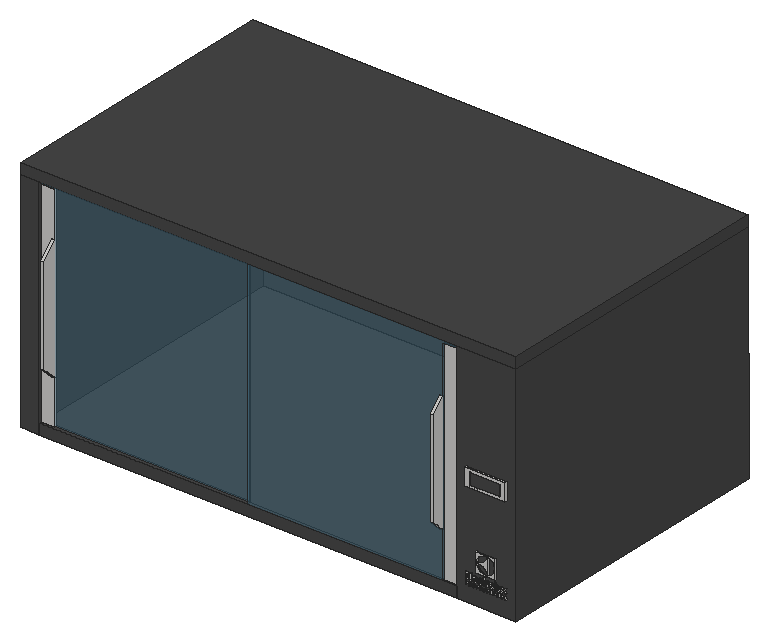
Revit family "QF_ELECTROLUXPROFESSIONAL_240039_SAFEBOXNP", category Attrezzature speciali, Revit 2020
Family settings
  Quota connettore circolare = Usa diametro
  Tipo di parte = Normale
  Basato su piano di lavoro = No
  Sempre verticale = Sì
  Taglio con vuoti quando caricato = No
  Condiviso = No
  Punto di calcolo locali = No
Parameters (values of type "Standard")
  Weight = 36.00 kg
  Watts = 590 W
  Volts = 220 V
  URL Manufacturer = "https://www.electroluxprofessional.com/"
  URL = "https://www.electroluxprofessional.com/"
  Steam Supply Size = 0 mm
  Steam Supply Minimum Pressure = 0.0 Pa
  Steam Supply Maximum Pressure = 0.0 Pa
  Steam Consumption per Hour = 0
  Show Logo [instance] = yes
  Show Clearance [instance] = yes
  Refrigeration Suction Line Size = 0.0 mm
  Refrigeration Liquid Line Size = 0.0 mm
  Refrigerant Compressor Remote = yes
  Prospetto di default = 0.0 mm
  Produttore = "Electrolux Professional"
  Phase = 1
  Modello = "SAFEBOXNP"
  Length Actual = 920.0 mm  # constant formula
  Item Number = "240039"
  Hot Water Size = 0 mm
  Height Actual = 450.0 mm  # constant formula
  HP = "0.8 HP"
  Gas Size = 0 mm
  Gas KW = 0
  Gas Input Pressure = 0 W
  Direct Waste Size = 0 mm
  Descrizione = "SAFEBOX HOLD WARMING CONTAINER FOR FOOD PICK UP, TAKE AWAY AND DELIVERY - NO PLUG"
  Depth Actual = 590.0 mm  # constant formula
  Cycle = 50 Hz
  Condensate Return Size = 0 mm
  Compressed Air Volume = 0.0 L/s
  Compressed Air Size = 0 mm
  Compressed Air Pressure = 0.0 Pa
  Cold Water Size = 0 mm
  Accessory = yes
Reference planes
  plane 1 "Center (Front/Back)": y = 0
  plane 2: z = 0
  plane 3 "Center (Left/Right)": x = 0
  plane 4 "LEFT": x = -460
  plane 5 "RIGHT": x = 460
  plane 6 "BACK": y = 270
  plane 7 "FRONT": y = -270
  plane 8 "Base": z = 11
  plane 9 "TOP": z = 451
  plane 10: x = -430
  plane 11: y = 250
  plane 12: y = -220
  plane 13: x = 360
Forms (mm)
  Extrusion 1, solid, material "QF_Finishes_Black"
    sketch origin (0, 0, 11) x (0, 1, 0) y (-1, 0, 0)
      loop
        line (270, 460) -> (-270, 460) -> (-270, 425) -> (250, 425) -> (250, -350) -> (-270, -350) -> (-270, -460) -> (270, -460) -> (270, 460)
    from 0 to 420
  Extrusion 2, solid, material "QF_Finishes_Black"
    sketch origin (0, 0, 451) x (0, 1, 0) y (-1, 0, 0)
      loop
        line (270, 460) -> (-270, 460) -> (-270, -460) -> (270, -460) -> (270, 460)
    from 0 to -20
  Extrusion 3, void
    sketch origin (0, -270, 0) x (-1, 0, 0) y (0, 0, 1)
      loop
        line (140.985, 386.837) -> (-115, 386.837) -> (-115, 166) -> (140.985, 166) -> (140.985, 386.837)
    from 520 to 540
  Extrusion 4, solid, material "QF_Finishes_Stainless Steel"
    sketch origin (460, 0, 0) x (0, 1, 0) y (0, 0, 1)
      loop
        line (250, 386.837) -> (250, 166) -> (320, 166) -> (320, 386.837) -> (250, 386.837)
    from -600.985 to -345
  Extrusion 5, solid, material "Glass"
    sketch origin (0, -270, 0) x (-1, 0, 0) y (0, 0, 1)
      loop
        line (425, 431) -> (37.5, 431) -> (37.5, 31) -> (400, 31) -> (400, 426) -> (425, 426) -> (425, 431)
    from 4 to 8
  Extrusion 6, solid, material "Glass"
    sketch origin (385, -270, 0) x (-1, 0, 0) y (0, 0, 1)
      loop
        line (422.5, 431) -> (35, 431) -> (35, 426) -> (60, 426) -> (60, 31) -> (422.5, 31) -> (422.5, 431)
    from 0 to 4
  Extrusion 7, solid, material "QF_Finishes_Stainless Steel"
    sketch origin (0, 0, 0) x (0, 1, 0) y (0, 0, 1)
      loop
        line (-266, 112) -> (-266, 342.426) -> (-291.213, 317.213) -> (-291.213, 137.213) -> (-266, 112)
    from -400 to -405
  Extrusion 8, solid, material "QF_Finishes_Stainless Steel"
    sketch origin (0, -270, 0) x (-1, 0, 0) y (0, 0, 1)
      loop
        line (-350, 426) -> (-350, 31) -> (-325, 31) -> (-325, 426) -> (-350, 426)
      loop
        line (400, 426) -> (400, 31) -> (425, 31) -> (425, 426) -> (400, 426)
    from 4 to 8
  Extrusion 9, solid, material "QF_Finishes_Black"
    sketch origin (0, 0, 451) x (0, 1, 0) y (-1, 0, 0)
      loop
        line (270, 425) -> (-270, 425) -> (-270, -350) -> (270, -350) -> (270, 425)
    from -420 to -440
  Extrusion 10, solid, material "QF_Finishes_Stainless Steel"
    sketch origin (0, 0, 0) x (0, 1, 0) y (0, 0, 1)
      loop
        line (-270, 116) -> (-270, 338.426) -> (-291.213, 317.213) -> (-291.213, 137.213) -> (-270, 116)
    from 325 to 320
  Extrusion 11, solid, material "QF_Finishes_Stainless Steel"
    sketch origin (2.404, 270, -133.023) x (1, 0, 0) y (0, 0, -1)
      loop
        line (407.596, -163.023) -> (407.596, -183.023) -> (427.596, -183.023) -> (427.596, -163.023) -> (407.596, -163.023)
    from 0 to 2
  Extrusion 12, solid, material "QF_Finishes_Stainless Steel"
    sketch origin (-85.721, 270, -84.273) x (1, 0, 0) y (0, 0, -1)
      loop
        line (407.596, -163.023) -> (407.596, -183.023) -> (427.596, -183.023) -> (427.596, -163.023) -> (407.596, -163.023)
    from 0 to 2
Cuts and joins
  Extrusion 3 cuts Extrusion 1
  joined: Extrusion 7, Extrusion 8, Extrusion 10
Dimensions and locks
  plane 4 "LEFT" to plane 5 "RIGHT" = 920.0 mm
  equal spacing: plane 4 "LEFT", plane 3 "Center (Left/Right)", plane 5 "RIGHT"
  equal spacing: plane 6 "BACK", plane 1 "Center (Front/Back)", plane 7 "FRONT"
  plane 6 "BACK" to plane 7 "FRONT" = 540.0 mm  (x2)
  plane 8 "Base" to level = 11.0 mm
  plane 9 "TOP" to level = 451.0 mm
  plane 9 "TOP" to cut or joined group of Extrusion 1, Extrusion 3 = 64.163 mm
  level to cut or joined group of Extrusion 1, Extrusion 3 = 166.0 mm
  plane 4 "LEFT" to plane 10 = 30.0 mm
  plane 13 to plane 5 "RIGHT" = 100.0 mm
  Extrusion 4 to Extrusion 2 = 590.0 mm
  aligned and locked: level to plane 2
Automatic sketch dimensions
  Extrusion 1 sketch curve to plane 4 "LEFT" = 0.0 mm
  Extrusion 1 sketch curve to plane 7 "FRONT" = 0.0 mm  (x2)
  Extrusion 1 sketch curve to plane 5 "RIGHT" = 0.0 mm
  Extrusion 1 sketch curve to plane 11 = 0.0 mm
  Extrusion 1 sketch curve to plane 6 "BACK" = 0.0 mm
  Extrusion 1 sketch curve to plane 13 = 10.0 mm
  plane 10 to Extrusion 1 sketch curve = 5.0 mm
  Extrusion 2 sketch curve to plane 4 "LEFT" = 0.0 mm
  Extrusion 2 sketch curve to plane 7 "FRONT" = 0.0 mm
  Extrusion 2 sketch curve to plane 6 "BACK" = 0.0 mm
  Extrusion 2 sketch curve to plane 5 "RIGHT" = 0.0 mm
  plane 3 "Center (Left/Right)" to Extrusion 3 sketch curve = 115.0 mm
  Extrusion 3 sketch curve to plane 3 "Center (Left/Right)" = 140.985 mm
  plane 8 "Base" to Extrusion 3 sketch curve = 155.0 mm
  Extrusion 3 sketch curve to plane 9 "TOP" = 64.163 mm
  Extrusion 4 sketch curve to plane 11 = 0.0 mm
  plane 6 "BACK" to Extrusion 4 sketch curve = 50.0 mm
  plane 8 "Base" to Extrusion 4 sketch curve = 155.0 mm
  Extrusion 4 sketch curve to plane 9 "TOP" = 64.163 mm
  Extrusion 5 sketch curve to plane 3 "Center (Left/Right)" = 37.5 mm
  plane 10 to Extrusion 5 sketch curve = 30.0 mm
  plane 10 to Extrusion 5 sketch curve = 5.0 mm
  plane 8 "Base" to Extrusion 5 sketch curve = 20.0 mm
  Extrusion 5 sketch curve to plane 9 "TOP" = 25.0 mm
  Extrusion 5 sketch curve to plane 9 "TOP" = 20.0 mm
  Extrusion 6 sketch curve to plane 13 = 10.0 mm
  Extrusion 6 sketch curve to plane 13 = 35.0 mm
  Extrusion 6 sketch curve to plane 3 "Center (Left/Right)" = 37.5 mm
  plane 8 "Base" to Extrusion 6 sketch curve = 20.0 mm
  Extrusion 6 sketch curve to plane 9 "TOP" = 25.0 mm
  Extrusion 6 sketch curve to Extrusion 6 sketch curve = 5.0 mm
  Extrusion 7 sketch curve to plane 7 "FRONT" = 21.213 mm
  plane 7 "FRONT" to Extrusion 7 sketch curve = 4.0 mm
  plane 8 "Base" to Extrusion 7 sketch curve = 101.0 mm
  Extrusion 7 sketch curve to Extrusion 7 sketch curve = 25.213 mm  (x2)
  Extrusion 7 sketch curve to plane 9 "TOP" = 133.787 mm
  Extrusion 8 sketch curve to plane 13 = 10.0 mm
  Extrusion 8 sketch curve to Extrusion 8 sketch curve = 25.0 mm
  plane 10 to Extrusion 8 sketch curve = 30.0 mm
  plane 10 to Extrusion 8 sketch curve = 5.0 mm
  plane 8 "Base" to Extrusion 8 sketch curve = 20.0 mm  (x2)
  Extrusion 8 sketch curve to plane 9 "TOP" = 25.0 mm  (x2)
  Extrusion 9 sketch curve to plane 7 "FRONT" = 0.0 mm
  Extrusion 9 sketch curve to plane 6 "BACK" = 0.0 mm
  Extrusion 9 sketch curve to plane 13 = 10.0 mm
  plane 10 to Extrusion 9 sketch curve = 5.0 mm
  Extrusion 10 sketch curve to plane 7 "FRONT" = 0.0 mm
  Extrusion 10 sketch curve to plane 7 "FRONT" = 21.213 mm
  plane 8 "Base" to Extrusion 10 sketch curve = 105.0 mm
  Extrusion 10 sketch curve to Extrusion 10 sketch curve = 21.213 mm  (x2)
  Extrusion 10 sketch curve to plane 9 "TOP" = 133.787 mm
  Extrusion 11 sketch curve to plane 5 "RIGHT" = 50.0 mm
  Extrusion 11 sketch curve to Extrusion 11 sketch curve = 20.0 mm
  plane 8 "Base" to Extrusion 11 sketch curve = 39.0 mm
  plane 8 "Base" to Extrusion 11 sketch curve = 19.0 mm
  Extrusion 12 sketch curve to plane 13 = 38.125 mm
  Extrusion 12 sketch curve to plane 13 = 18.125 mm
  plane 8 "Base" to Extrusion 12 sketch curve = 87.75 mm
  plane 8 "Base" to Extrusion 12 sketch curve = 67.75 mm
Nested families
  nested 1: "Piedino DISTRIBUTION" at (360, -220, 0), type "Piedino DISTRIBUTION"
    with Show Logo yes, H 11.0 mm
  nested 2: "Piedino DISTRIBUTION" at (360, 250, 0), type "Piedino DISTRIBUTION"
    with Show Logo yes, H 11.0 mm
  nested 3: "Piedino DISTRIBUTION" at (-430, -220, 0), type "Piedino DISTRIBUTION"
    with Show Logo yes, H 11.0 mm
  nested 4: "Piedino DISTRIBUTION" at (-430, 250, 0), type "Piedino DISTRIBUTION"
    with Show Logo yes, H 11.0 mm
  nested 5: "Schermo_Distribution" at (406.364, -270, 222.016) x (-1, 0, 0) z (0, -1, 0), type "Schermo_Distribution"
  nested 6: "ELX_LOGO_MONO_35x35 - MRTALLO" at (395.727, -270, 36.251) x (-1, 0, 0) z (0, -1, 0), Show Logo <- "Show Logo", visible <- "Show Logo", type "ELX_LOGO_MONO_35x35 - MRTALLO"
    with Show Logo yes
  nested 7: "ELX_LOGO_WORDS - METALLO" at (405.647, -270, 52.223) x (1, 0, 0) z (0, -1, 0), Show Logo <- "Show Logo", visible <- "Show Logo", type "ELX_LOGO_WORDS - METALLO"
    with Show Logo yes
Connectors
  electrical at (420, 270, 40)
    settings: on Extrusion 11, index 72, voltage 0 V, apparent load 0 VA, apparent load phase1 0 VA, apparent load phase2 0 VA, apparent load phase3 0 VA, power factor 1, load classification "Altro", number of poles 1, system type 30, power factor state 1, is connector primary yes, connector utility no, sub classification motor no, connector description "EI"
  electrical at (331.875, 270, 88.75)
    settings: on Extrusion 12, index 73, voltage 0 V, apparent load 0 VA, apparent load phase1 0 VA, apparent load phase2 0 VA, apparent load phase3 0 VA, power factor 1, load classification "Altro", number of poles 1, system type 30, power factor state 1, is connector primary no, connector utility no, sub classification motor no, connector description "EQ"
Definition of nested family "Piedino DISTRIBUTION"
  Parameters (values of type "Piedino DISTRIBUTION")
    Show Logo [instance] = yes
    Default Elevation = 0.0 mm
    H [instance] = 11.0 mm
  Reference planes
    plane 1 "Centro (Fronte/Retro)": y = 0
    plane 2: z = 0
    plane 3 "Centro (Sinistra/Destra)": x = 0
  Forms (mm)
    Revolve 1, solid
      sketch origin (55, 0, 0) x (-1, 0, 0) y (0, 0, -1)
        loop
          line (55, 0) -> (40, 0) -> (40, -11) -> (55, -11) -> (55, 0)
        axis (55, 0) -> (55, -11)
      angle from 0 to 360
  Dimensions and locks
    "H": Revolve 1 to plane 2
    aligned and locked: level to plane 2
  Automatic sketch dimensions
    Revolve 1 sketch curve to level = 0.0 mm
    Revolve 1 sketch curve to plane 3 "Centro (Sinistra/Destra)" = 0.0 mm  (x2)
    level to Revolve 1 sketch curve = 11.0 mm
    Revolve 1 sketch curve to Revolve 1 sketch curve = 139.0 mm
    Revolve 1 sketch curve to Revolve 1 sketch curve = 20.0 mm
    plane 3 "Centro (Sinistra/Destra)" to Revolve 1 sketch curve = 15.0 mm
Definition of nested family "Schermo_Distribution"
  Parameters (values of type "Schermo_Distribution")
    Default Elevation = 1219.2 mm
  Reference planes
    plane 1 "Centro (Fronte/Retro)": y = 0
    plane 2: z = 0
    plane 3 "Centro (Sinistra/Destra)": x = 0
  Forms (mm)
    Extrusion 1, solid
      sketch origin (0, 0, 0) x (1, 0, 0) y (0, 1, 0)
        loop
          line (-1219.2, 1219.2) -> (-1219.2, -1219.2) -> (1219.2, -1219.2) -> (1219.2, 1219.2) -> (-1219.2, 1219.2)
      from 0 to -304.8
    Extrusion 2, solid
      sketch origin (-406.364, -222.016, 5) x (0, 1, 0) y (-1, 0, 0)
        loop
          line (238.032, -368.864) -> (206, -368.864) -> (206, -443.864) -> (238.032, -443.864) -> (238.032, -368.864)
        loop
          line (233.032, -378.864) -> (211, -378.864) -> (211, -433.864) -> (233.032, -433.864) -> (233.032, -378.864)
      from 0 to -5
    Extrusion 3, solid
      sketch origin (-406.364, -222.016, 5) x (0, 1, 0) y (-1, 0, 0)
        loop
          line (233.032, -378.864) -> (211, -378.864) -> (211, -433.864) -> (233.032, -433.864) -> (233.032, -378.864)
      from 0 to -5
  Dimensions and locks
    aligned and locked: plane 2 to Extrusion 1
    aligned and locked: level to Extrusion 1
Definition of nested family "ELX_LOGO_MONO_35x35 - MRTALLO"
  Parameters (values of type "ELX_LOGO_MONO_35x35 - MRTALLO")
    Show Logo [instance] = yes
    Default Elevation = 1219.2 mm
  Reference planes
    plane 1 "Center (Front/Back)": y = -49
    plane 2: z = 0
    plane 3 "Center (Left/Right)": x = -9.92
  Forms (mm)
    Extrusion 1, solid
      sketch origin (0, 0, 0) x (1, 0, 0) y (0, 1, 0)
        loop
          line (-1219.2, 1219.2) -> (-1219.2, -1219.2) -> (1219.2, -1219.2) -> (1219.2, 1219.2) -> (-1219.2, 1219.2)
      from 0 to -304.8
    Extrusion 2, solid, visible <- "Show Logo"
      sketch origin (84.542, 509.781, 0) x (1, 0, 0) y (0, 1, 0)
        loop
          line (-99.142, -574.562) -> (-99.142, -543.071)
          arc (-99.142, -543.071) -> (-110.783, -558.817) -> (-99.142, -574.562) r 16.469
        loop
          arc (-97.54, -574.562) -> (-84.443, -571.586) -> (-78.133, -559.729) r 16.14
          line (-78.133, -559.729) -> (-83.343, -559.729)
          arc (-83.343, -559.729) -> (-92.651, -563.507) -> (-97.54, -572.282) r 15.128
          line (-97.54, -572.282) -> (-97.54, -574.562)
        loop
          arc (-97.54, -545.351) -> (-92.651, -554.126) -> (-83.343, -557.904) r 15.128
          line (-83.343, -557.904) -> (-78.133, -557.904)
          arc (-78.133, -557.904) -> (-84.433, -545.95) -> (-97.54, -542.666) r 16.562
          line (-97.54, -542.666) -> (-97.54, -545.351)
        loop
          line (-76.938, -576.281) -> (-76.938, -541.281) -> (-111.986, -541.281) -> (-111.986, -576.281) -> (-76.938, -576.281)
      from 0 to 1.644
  Dimensions and locks
    aligned and locked: plane 2 to Extrusion 1
    aligned and locked: level to Extrusion 1
Definition of nested family "ELX_LOGO_WORDS - METALLO"
  Parameters (values of type "ELX_LOGO_WORDS - METALLO")
    Show Logo [instance] = yes
    Default Elevation = 0.0 mm
  Reference planes
    plane 1 "Centro (Fronte/Retro)": y = 0
    plane 2: z = 0
    plane 3 "Centro (Sinistra/Destra)": x = 0
  Forms (mm)
    Extrusion 1, solid
      sketch origin (0, 0, 0) x (1, 0, 0) y (0, 1, 0)
        loop
          line (-1219.2, 1219.2) -> (-1219.2, -1219.2) -> (1219.2, -1219.2) -> (1219.2, 1219.2) -> (-1219.2, 1219.2)
      from 0 to -304.8
    Extrusion 2, solid, visible <- "Show Logo"
      sketch origin (0, 0, 0) x (1, 0, 0) y (0, 1, 0)
        loop
          line (-30.234, 10.561) -> (-37.67, 10.561) -> (-37.67, 1.902)
          arc (-37.67, 1.902) -> (-36.691, -0.461) -> (-34.329, -1.439) r 3.341
          line (-34.329, -1.439) -> (-30.09, -1.439) -> (-30.09, 0.503) -> (-33.845, 0.503)
          arc (-33.845, 0.503) -> (-35.079, 0.92) -> (-35.604, 2.112) r 1.615
          line (-35.604, 2.112) -> (-35.604, 3.829) -> (-30.555, 3.829) -> (-30.555, 5.779) -> (-35.604, 5.779) -> (-35.604, 8.617) -> (-30.234, 8.617) -> (-30.234, 10.561)
        loop
          line (-28.622, 10.561) -> (-28.622, -1.439) -> (-26.555, -1.439) -> (-26.555, 10.561) -> (-28.622, 10.561)
        loop
          line (16.27, 10.561) -> (16.27, -1.439) -> (18.338, -1.439) -> (18.338, 10.561) -> (16.27, 10.561)
        loop
          line (-23.137, 2.393) -> (-16.354, 2.393)
          arc (-16.354, 2.393) -> (-17.415, 6.119) -> (-21.043, 7.478) r 4.298
          arc (-21.043, 7.478) -> (-24.239, 5.857) -> (-25.151, 2.393) r 4.373
          arc (-25.151, 2.393) -> (-23.951, -0.505) -> (-21.053, -1.705) r 4.097
          arc (-21.053, -1.705) -> (-18.799, -1.372) -> (-16.908, -0.099) r 5.15
          line (-16.908, -0.099) -> (-18.133, 1.125)
          arc (-18.133, 1.125) -> (-19.74, 0.161) -> (-21.607, 0.323) r 3.039
          arc (-21.607, 0.323) -> (-22.746, 1.081) -> (-23.137, 2.393) r 2.013
        loop
          line (-23.085, 3.846) -> (-18.431, 3.846)
          arc (-18.431, 3.846) -> (-19.084, 5.22) -> (-20.519, 5.727) r 1.983
          arc (-20.519, 5.727) -> (-22.175, 5.295) -> (-23.085, 3.846) r 2.321
        loop
          line (-8.297, 4.711) -> (-6.999, 6.009)
          arc (-6.999, 6.009) -> (-8.627, 7.187) -> (-10.604, 7.539) r 4.497
          arc (-10.604, 7.539) -> (-13.621, 6.437) -> (-15.204, 3.642) r 4.652
          arc (-15.204, 3.642) -> (-12.536, -1.257) -> (-7.072, -0.127) r 4.684
          line (-7.072, -0.127) -> (-8.363, 1.163)
          arc (-8.363, 1.163) -> (-11.149, 0.242) -> (-13.145, 2.393) r 2.714
          arc (-13.145, 2.393) -> (-13.006, 4.094) -> (-11.835, 5.335) r 2.578
          arc (-11.835, 5.335) -> (-9.96, 5.621) -> (-8.297, 4.711) r 2.961
        loop
          line (-5.73, 10.561) -> (-5.73, 2.36)
          arc (-5.73, 2.36) -> (-5.551, 1.13) -> (-5.09, -0.025) r 5.301
          arc (-5.09, -0.025) -> (-3.615, -1.198) -> (-1.746, -1.445) r 3.531
          line (-1.746, -1.445) -> (-1.746, 0.492)
          arc (-1.746, 0.492) -> (-2.302, 0.534) -> (-2.82, 0.74) r 1.862
          arc (-2.82, 0.74) -> (-3.484, 1.442) -> (-3.662, 2.393) r 1.713
          line (-3.662, 2.393) -> (-3.662, 5.362) -> (-1.785, 5.362) -> (-1.785, 7.24) -> (-3.662, 7.24) -> (-3.662, 10.561) -> (-5.73, 10.561)
        loop
          arc (2.004, 3.123) -> (2.152, 3.988) -> (2.578, 4.755) r 2.607
          arc (2.578, 4.755) -> (3.817, 5.391) -> (5.208, 5.362) r 2.84
          line (5.208, 5.362) -> (5.208, 7.349)
          arc (5.208, 7.349) -> (3.39, 7.177) -> (2.004, 5.989) r 3.016
          line (2.004, 5.989) -> (2.004, 7.24) -> (-0.046, 7.24) -> (-0.046, -1.439) -> (2.004, -1.439) -> (2.004, 3.123)
        loop
          circle (10.262, 2.899) r 4.599
        loop
          circle (10.262, 2.899) r 2.787
        loop
          arc (25.793, 2.175) -> (25.283, 0.772) -> (23.898, 0.213) r 1.835
          arc (23.898, 0.213) -> (22.514, 0.772) -> (22.004, 2.175) r 1.835
          line (22.004, 2.175) -> (22.004, 7.24) -> (19.919, 7.24) -> (19.919, 2.003)
          arc (19.919, 2.003) -> (21.105, -0.701) -> (23.898, -1.659) r 3.675
          arc (23.898, -1.659) -> (26.723, -0.672) -> (27.877, 2.088) r 3.675
          line (27.877, 2.088) -> (27.877, 7.24) -> (25.793, 7.24) -> (25.793, 2.175)
        loop
          line (29.126, 7.24) -> (32.128, 3.164) -> (28.83, -1.442) -> (31.052, -1.442) -> (33.241, 1.615) -> (35.462, -1.442) -> (37.67, -1.442) -> (34.419, 3.211) -> (37.392, 7.24) -> (35.135, 7.24) -> (33.234, 4.663) -> (31.362, 7.24) -> (29.126, 7.24)
        loop
          line (-35.875, -6.414) -> (-37.523, -6.414) -> (-37.523, -10.564) -> (-36.621, -10.564) -> (-36.621, -9.135) -> (-35.625, -9.135)
          arc (-35.625, -9.135) -> (-34.509, -7.66) -> (-35.875, -6.414) r 1.372
        loop
          arc (-35.664, -8.32) -> (-35.322, -7.786) -> (-35.664, -7.253) r 0.587
          line (-35.664, -7.253) -> (-36.621, -7.253) -> (-36.621, -8.32) -> (-35.664, -8.32)
        loop
          line (-29.363, -6.414) -> (-31.04, -6.414) -> (-31.04, -10.564) -> (-30.138, -10.564) -> (-30.138, -9.135) -> (-29.265, -9.135) -> (-28.669, -10.564) -> (-27.7, -10.564) -> (-28.516, -8.814)
          arc (-28.516, -8.814) -> (-28.125, -8.347) -> (-27.994, -7.752) r 1.281
          arc (-27.994, -7.752) -> (-28.406, -6.804) -> (-29.363, -6.414) r 1.37
        loop
          line (-30.138, -7.253) -> (-30.138, -8.32) -> (-29.18, -8.32)
          arc (-29.18, -8.32) -> (-28.839, -7.786) -> (-29.18, -7.253) r 0.587
          line (-29.18, -7.253) -> (-30.138, -7.253)
        loop
          circle (-22.402, -8.489) r 2.156
        loop
          circle (-22.402, -8.489) r 1.368
        loop
          line (-16.703, -6.414) -> (-16.703, -10.564) -> (-15.823, -10.564) -> (-15.823, -9.114) -> (-14.261, -9.114) -> (-14.261, -8.184) -> (-15.823, -8.184) -> (-15.823, -7.308) -> (-14.111, -7.308) -> (-14.111, -6.414) -> (-16.703, -6.414)
        loop
          line (-10.611, -6.414) -> (-10.611, -9.216)
          arc (-10.611, -9.216) -> (-10.229, -10.166) -> (-9.284, -10.561) r 1.327
          line (-9.284, -10.561) -> (-7.945, -10.561) -> (-7.945, -9.777) -> (-9.204, -9.777)
          arc (-9.204, -9.777) -> (-9.668, -9.394) -> (-9.759, -8.799) r 0.845
          line (-9.759, -8.799) -> (-8.1, -8.799) -> (-8.1, -8.015) -> (-9.759, -8.015) -> (-9.759, -7.198) -> (-7.985, -7.198) -> (-7.985, -6.414) -> (-10.611, -6.414)
        loop
          arc (4.417, -6.94) -> (3.867, -6.489) -> (3.171, -6.345) r 1.485
          arc (3.171, -6.345) -> (2.528, -6.503) -> (2, -6.902) r 1.645
          arc (2, -6.902) -> (1.902, -7.844) -> (2.51, -8.571) r 1.217
          arc (2.51, -8.571) -> (3.021, -8.741) -> (3.506, -8.976) r 4.201
          arc (3.506, -8.976) -> (3.812, -9.337) -> (3.601, -9.761) r 0.43
          arc (3.601, -9.761) -> (3.209, -9.853) -> (2.819, -9.754) r 0.846
          arc (2.819, -9.754) -> (2.482, -9.511) -> (2.275, -9.15) r 0.983
          line (2.275, -9.15) -> (1.549, -9.489)
          arc (1.549, -9.489) -> (1.811, -9.993) -> (2.232, -10.374) r 1.595
          arc (2.232, -10.374) -> (2.71, -10.578) -> (3.227, -10.63) r 1.719
          arc (3.227, -10.63) -> (3.867, -10.503) -> (4.442, -10.197) r 2.246
          arc (4.442, -10.197) -> (4.697, -9.52) -> (4.566, -8.81) r 1.349
          arc (4.566, -8.81) -> (4.282, -8.482) -> (3.919, -8.245) r 1.564
          arc (3.919, -8.245) -> (3.46, -8.04) -> (2.99, -7.864) r 8.236
          arc (2.99, -7.864) -> (2.718, -7.441) -> (3.111, -7.128) r 0.375
          arc (3.111, -7.128) -> (3.581, -7.241) -> (3.943, -7.563) r 0.998
          line (3.943, -7.563) -> (4.417, -6.94)
        loop
          line (8.225, -6.414) -> (8.225, -10.561) -> (9.077, -10.561) -> (9.077, -6.414) -> (8.225, -6.414)
        loop
          circle (14.827, -8.488) r 1.29
        loop
          circle (14.827, -8.488) r 2.154
        loop
          line (20.548, -10.561) -> (21.409, -10.561) -> (21.409, -7.954) -> (23.306, -10.561) -> (24.135, -10.561) -> (24.135, -6.414) -> (23.274, -6.414) -> (23.274, -9.101) -> (21.377, -6.414) -> (20.548, -6.414) -> (20.548, -10.561)
        loop
          line (28.435, -10.561) -> (28.839, -9.667) -> (30.373, -9.667) -> (30.777, -10.561) -> (31.693, -10.561) -> (29.942, -6.414) -> (29.142, -6.414) -> (27.519, -10.561) -> (28.435, -10.561)
        loop
          line (29.99, -8.816) -> (29.579, -7.905) -> (29.18, -8.816) -> (29.99, -8.816)
        loop
          line (35.929, -9.777) -> (35.929, -6.414) -> (35.076, -6.414) -> (35.076, -10.561) -> (37.523, -10.561) -> (37.523, -9.777) -> (35.929, -9.777)
        loop
          arc (-1.8, -6.94) -> (-2.35, -6.489) -> (-3.046, -6.345) r 1.485
          arc (-3.046, -6.345) -> (-3.689, -6.503) -> (-4.218, -6.902) r 1.645
          arc (-4.218, -6.902) -> (-4.316, -7.844) -> (-3.708, -8.571) r 1.217
          arc (-3.708, -8.571) -> (-3.197, -8.741) -> (-2.712, -8.976) r 4.201
          arc (-2.712, -8.976) -> (-2.405, -9.337) -> (-2.616, -9.761) r 0.43
          arc (-2.616, -9.761) -> (-3.008, -9.853) -> (-3.399, -9.754) r 0.846
          arc (-3.399, -9.754) -> (-3.736, -9.511) -> (-3.942, -9.15) r 0.983
          line (-3.942, -9.15) -> (-4.668, -9.489)
          arc (-4.668, -9.489) -> (-4.407, -9.993) -> (-3.985, -10.374) r 1.595
          arc (-3.985, -10.374) -> (-3.507, -10.578) -> (-2.99, -10.63) r 1.719
          arc (-2.99, -10.63) -> (-2.351, -10.503) -> (-1.775, -10.197) r 2.246
          arc (-1.775, -10.197) -> (-1.521, -9.52) -> (-1.652, -8.81) r 1.349
          arc (-1.652, -8.81) -> (-1.936, -8.482) -> (-2.298, -8.245) r 1.564
          arc (-2.298, -8.245) -> (-2.757, -8.04) -> (-3.228, -7.864) r 8.236
          arc (-3.228, -7.864) -> (-3.5, -7.441) -> (-3.107, -7.128) r 0.375
          arc (-3.107, -7.128) -> (-2.636, -7.241) -> (-2.274, -7.563) r 0.998
          line (-2.274, -7.563) -> (-1.8, -6.94)
      from 0 to 1.644
  Dimensions and locks
    aligned and locked: plane 2 to Extrusion 1
    aligned and locked: level to Extrusion 1
